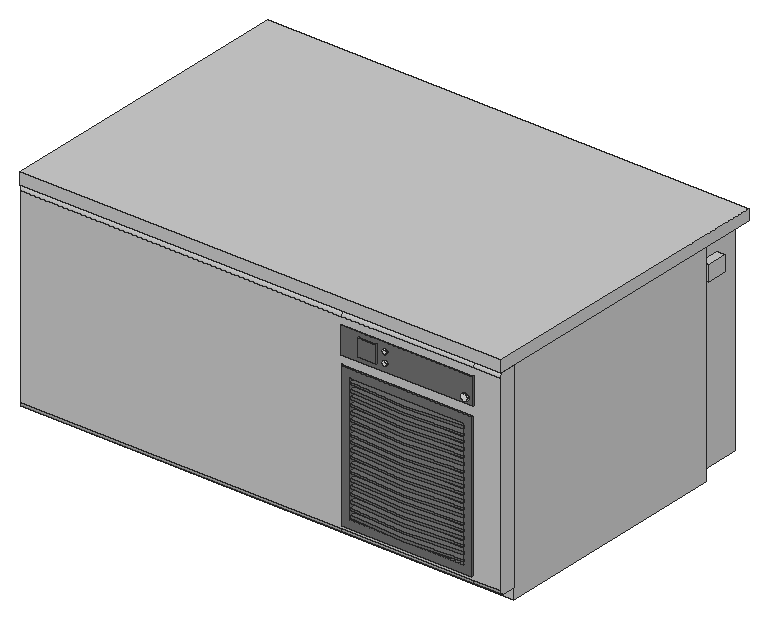
Revit family "QF_HOSHIZAKI_IM-240DSNE-23", category Specialty Equipment, Revit 2016
Family settings
  Part Type = Normal
  Round Connector Dimension = Use Diameter
  OmniClass Number = 23.40.40.14
  OmniClass Title = Food Service Equipment
  Work Plane-Based = No
  Always vertical = Yes
  Cut with Voids When Loaded = No
  Shared = No
  Room Calculation Point = No
Parameters (values of type "IM-240DSNE-23_230V/1Ph/50Hz")
  Weight = 88.00 kg
  Waste Remarks [instance] = ""
  Volts = 230 V
  URL Cutsheet = ""
  URL = "www.hoshizaki-europe.com"
  Status [instance] = ""
  Specification by User [instance] = ""
  Specification by Manufacturer [instance] = ""
  Serial Number = ""
  Seismic Rating = ""
  SMACNA No = ""
  Revision Code [instance] = ""
  Phase = 1
  Number of Poles = 2
  NAFEM Spec ID Number = ""
  Model = "IM-240DSNE-23"
  Min Ckt Ampacity = 0 A
  Max Overcurrent Protection = 0 A
  Masterspec = ""
  Manufacturer = "HOSHIZAKI"
  Length Actual = 1084 mm
  Item Number [instance] = ""
  Installed By [instance] = ""
  Indirect Waste Size = 19.05 mm
  Indirect Waste Connection Type [instance] = ""
  Indirect Waste Connection Height [instance] = 53 mm
  Identify Quantity as Lot [instance] = no
  Height Actual = 500 mm
  HP power = ""
  Furnished By [instance] = ""
  Foodservice Equipment Identifier [instance] = yes
  FL Amps = 20 A
  Electric power = 1330 W
  Electric Connection Type [instance] = ""
  Elec Conn RI Height [instance] = 0 mm
  Elec Conn Connection Height [instance] = 409 mm
  Direct Waste RI Height [instance] = 0 mm
  Description = "MODULAR IM ICE MAKER, 240KG PER 24 HOURS, MEDIUM CUBE, REMOTE CONDENSER"
  Depth Actual = 700 mm
  Cycle = 50 Hz
  Cost = 0
  Conn Plug = ""
  Conn Conduit = no
  Cold Water Temperature Recommended = 0 °C
  Cold Water Size = 19.05 mm
  Cold Water Flow = 0.0 L/s
  Cold Water Connection Height [instance] = 419 mm
  CSI MasterFormat = ""
  Assembly Code = "E1090320"
  Apparent Power = 1330 VA
  Accessory = no
Types (2, lengths in mm): name | Volts | Cycle
  IM-240DSNE-23_240V/1Ph/60Hz | 240 V | 60 Hz
  IM-240DSNE-23_230V/1Ph/50Hz | 230 V | 50 Hz
Reference planes
  plane 1 "Center (Front/Back)": y = 0
  plane 2: z = 0
  plane 3 "Center (Left/Right)": x = 0
Forms (mm)
  Extrusion 1, solid, not visible
    sketch origin (-16, -65, 418) x (1, 0, 0) y (0, 1, 0)
      loop
        line (0, 0) -> (2, 0) -> (2, 2) -> (0, 2) -> (0, 0)
    from 0 to 2
  Extrusion 2, solid, not visible
    sketch origin (-16, -213, 52) x (1, 0, 0) y (0, 1, 0)
      loop
        line (0, 0) -> (2, 0) -> (2, 2) -> (0, 2) -> (0, 0)
    from 0 to 2
  Extrusion 3, solid, not visible
    sketch origin (1073, -77, 408) x (1, 0, 0) y (0, 1, 0)
      loop
        line (0, 0) -> (2, 0) -> (2, 2) -> (0, 2) -> (0, 0)
    from 0 to 2
  Extrusion 4, solid, not visible
    sketch origin (-16, -65, 418) x (1, 0, 0) y (0, 1, 0)
      loop
        line (0, 0) -> (2, 0) -> (2, 2) -> (0, 2) -> (0, 0)
    from 0 to 2
  Extrusion 5, solid, not visible
    sketch origin (-16, -213, 52) x (1, 0, 0) y (0, 1, 0)
      loop
        line (0, 0) -> (2, 0) -> (2, 2) -> (0, 2) -> (0, 0)
    from 0 to 2
  Extrusion 6, solid, not visible
    sketch origin (1073, -77, 408) x (1, 0, 0) y (0, 1, 0)
      loop
        line (0, 0) -> (2, 0) -> (2, 2) -> (0, 2) -> (0, 0)
    from 0 to 2
Dimensions and locks
  aligned and locked: level to plane 2
Nested families
  nested 1: "QF_HOSHIZAKI_IM-240DSNE-23_240V_1Ph_60Hz" at (0, 0, 0), type "IM-240DSNE-23_240V/1Ph/60Hz"
    with Show Clearance yes
Connectors
  piping at (-15, -63, 419), diameter 19.05, driven by "Cold Water Size", driven by "Cold Water Flow"
    settings: on Extrusion 1, index 1, connector inside diameter 609.6 mm, connector length 0 mm, flow factor 0, pipe flow 0.0 L/s, pressure drop 0.0 Pa, fitting loss kfactor 0, connector angle 0.00°, fixture units 0, engagement length 0 mm, angle of deflection 0.00°, flow configuration 1, flow direction 1, fitting loss method 0, system type 20, joint type 0, gender type 0, connector reference index -1, connector utility 0, adjustable connector no, is connector primary yes, connector description "Cold Water connection for 'IM-240DSNE-23'"
  piping at (-15, -211, 53), diameter 19.05, driven by "Indirect Waste Size"
    settings: on Extrusion 2, index 2, connector inside diameter 609.6 mm, connector length 0 mm, flow factor 0, pipe flow 0.0 L/s, pressure drop 0.0 Pa, fitting loss kfactor 0, connector angle 0.00°, fixture units 0, engagement length 0 mm, angle of deflection 0.00°, flow configuration 1, flow direction 2, fitting loss method 0, system type 16, joint type 0, gender type 0, connector reference index -1, connector utility 0, adjustable connector no, is connector primary no, connector description "Drain connection for 'IM-240DSNE-23'"
  electrical at (1074, -75, 409), driven by "Apparent Power", driven by "Number of Poles", driven by "Volts"
    settings: on Extrusion 3, index 3, voltage 230 V, apparent load 0 VA, apparent load phase1 1330 VA, apparent load phase2 0 VA, apparent load phase3 0 VA, power factor 1, load classification "Other", number of poles 2, system type 31, power factor state 1, is connector primary yes, connector utility no, sub classification motor no, connector description "Electric connection for 'IM-240DSNE-23'"
  piping at (-15, -63, 419), diameter 19.05, driven by "Cold Water Size", driven by "Cold Water Flow"
    settings: on Extrusion 4, index 4, connector inside diameter 609.6 mm, connector length 0 mm, flow factor 0, pipe flow 0.0 L/s, pressure drop 0.0 Pa, fitting loss kfactor 0, connector angle 0.00°, fixture units 0, engagement length 0 mm, angle of deflection 0.00°, flow configuration 1, flow direction 1, fitting loss method 0, system type 20, joint type 0, gender type 0, connector reference index -1, connector utility 0, adjustable connector no, is connector primary no, connector description "Cold Water connection for 'IM-240DSNE-23'"
  piping at (-15, -211, 53), diameter 19.05, driven by "Indirect Waste Size"
    settings: on Extrusion 5, index 5, connector inside diameter 609.6 mm, connector length 0 mm, flow factor 0, pipe flow 0.0 L/s, pressure drop 0.0 Pa, fitting loss kfactor 0, connector angle 0.00°, fixture units 0, engagement length 0 mm, angle of deflection 0.00°, flow configuration 1, flow direction 2, fitting loss method 0, system type 16, joint type 0, gender type 0, connector reference index -1, connector utility 0, adjustable connector no, is connector primary no, connector description "Drain connection for 'IM-240DSNE-23'"
  electrical at (1074, -75, 409), driven by "Apparent Power", driven by "Number of Poles", driven by "Volts"
    settings: on Extrusion 6, index 6, voltage 230 V, apparent load 0 VA, apparent load phase1 1330 VA, apparent load phase2 0 VA, apparent load phase3 0 VA, power factor 1, load classification "Other", number of poles 2, system type 31, power factor state 1, is connector primary no, connector utility no, sub classification motor no, connector description "Electric connection for 'IM-240DSNE-23'"
Definition of nested family "QF_HOSHIZAKI_IM-240DSNE-23_240V_1Ph_60Hz"
  Parameters (values of type "IM-240DSNE-23_240V/1Ph/60Hz")
    Width = 1084 mm
    URL = "www.hoshizaki-europe.com"
    Show Clearance [instance] = yes
    Model = "IM-240DSNE-23"
    Manufacturer = "HOSHIZAKI"
    Height = 500 mm
    Description = "MODULAR IM ICE MAKER, 240KG PER 24 HOURS, MEDIUM CUBE, REMOTE CONDENSER"
    Depth = 700 mm
    Assembly Code = "E1090320"
  Types (31, lengths in mm): name | Width | Model | Height | Description | Depth
    IM-240DNE-HC | 1084 | "IM-240DNE-HC" | 500 | "EMERALD CLASS IM HYDROCARBON ICE MAKER, 210KG PER 24 HOURS, LARGE CUBE, MODULAR - HORIZONTAL" | 700
    IM-240XNE-HC | 1084 | "IM-240XNE-HC" | 500 | "EMERALD CLASS IM HYDROCARBON ICE MAKER, 210KG PER 24 HOURS, LARGE CUBE, MODULAR - EXTENSION" | 700
    IM-240DNE | 1084 | "IM-240DNE" | 500 | "MODULAR IM ICE MAKER, 240KG PER 24 HOURS, LARGE CUBE, MODULAR - HORIZONTAL" | 700
    IM-240DNE-21 | 1084 | "IM-240DNE-21" | 500 | "MODULAR IM ICE MAKER, 240KG PER 24 HOURS, EXTRA SMALL CUBE, MODULAR - HORIZONTAL" | 700
    IM-240DNE-23 | 1084 | "IM-240DNE-23" | 500 | "MODULAR IM ICE MAKER, 240KG PER 24 HOURS, MEDIUM CUBE, MODULAR - HORIZONTAL" | 700
    IM-240DNE-32 | 1084 | "IM-240DNE-32" | 500 | "MODULAR IM ICE MAKER, 240KG PER 24 HOURS, EXTRA LARGE CUBE, MODULAR - HORIZONTAL" | 700
    IM-240DSNE | 1084 | "IM-240DSNE" | 500 | "MODULAR IM ICE MAKER, 240KG PER 24 HOURS, LARGE CUBE, REMOTE CONDENSER" | 700
    IM-240DSNE-23_240V/1Ph/60Hz | 1084 | "IM-240DSNE-23" | 500 | "MODULAR IM ICE MAKER, 240KG PER 24 HOURS, MEDIUM CUBE, REMOTE CONDENSER" | 700
    IM-240DWNE | 1084 | "IM-240DWNE" | 500 | "MODULAR IM ICE MAKER, 240KG PER 24 HOURS, LARGE CUBE, MODULAR - HORIZONTAL, WATER COOLED" | 700
    IM-240DWNE-21 | 1084 | "IM-240DWNE-21" | 500 | "MODULAR IM ICE MAKER, 240KG PER 24 HOURS, EXTRA SMALL CUBE, MODULAR - HORIZONTAL, WATER COOLED" | 700
    IM-240DWNE-23 | 1084 | "IM-240DWNE-23" | 500 | "MODULAR IM ICE MAKER, 240KG PER 24 HOURS, MEDIUM CUBE, MODULAR - HORIZONTAL, WATER COOLED" | 700
    IM-240DWNE-32 | 1084 | "IM-240DWNE-32" | 500 | "MODULAR IM ICE MAKER, 240KG PER 24 HOURS, EXTRA LARGE CUBE, MODULAR - HORIZONTAL, WATER COOLED" | 700
    IM-240XNE | 1084 | "IM-240XNE" | 500 | "MODULAR IM ICE MAKER, 240KG PER 24 HOURS, LARGE CUBE, MODULAR - EXTENSION" | 700
    IM-240XNE-21 | 1084 | "IM-240XNE-21" | 500 | "MODULAR IM ICE MAKER, 240KG PER 24 HOURS, EXTRA SMALL CUBE, MODULAR - EXTENSION" | 700
    IM-240XNE-23 | 1084 | "IM-240XNE-23" | 500 | "MODULAR IM ICE MAKER, 240KG PER 24 HOURS, MEDIUM CUBE, MODULAR - EXTENSION" | 700
    IM-240XNE-32 | 1084 | "IM-240XNE-32" | 500 | "MODULAR IM ICE MAKER, 240KG PER 24 HOURS, EXTRA LARGE CUBE, MODULAR - EXTENSION" | 700
    IM-240XSNE | 1084 | "IM-240XSNE" | 500 | "MODULAR IM ICE MAKER, 240KG PER 24 HOURS, LARGE CUBE, MODULAR - EXTENSION, REMOTE CONDENSER" | 700
    IM-240XSNE-23 | 1084 | "IM-240XSNE-23" | 500 | "MODULAR IM ICE MAKER, 240KG PER 24 HOURS, MEDIUM CUBE, MODULAR - EXTENSION, REMOTE CONDENSER" | 700
    IM-240XWNE | 1084 | "IM-240XWNE" | 500 | "MODULAR IM ICE MAKER, 240KG PER 24 HOURS, LARGE CUBE, MODULAR - EXTENSION, WATER COOLED" | 700
    IM-240XWNE-21 | 1084 | "IM-240XWNE-21" | 500 | "MODULAR IM ICE MAKER, 240KG PER 24 HOURS, EXTRA SMALL CUBE, MODULAR - EXTENSION, WATER COOLED" | 700
    IM-240XWNE-23 | 1084 | "IM-240XWNE-23" | 500 | "MODULAR IM ICE MAKER, 240KG PER 24 HOURS, MEDIUM CUBE, MODULAR - EXTENSION, WATER COOLED" | 700
    IM-240XWNE-32 | 1084 | "IM-240XWNE-32" | 500 | "MODULAR IM ICE MAKER, 240KG PER 24 HOURS, EXTRA LARGE CUBE, MODULAR - EXTENSION, WATER COOLED" | 700
    IM-240DNE-C | 1084 | "IM-240DNE-C" | 500 | "IM CYLINDER ICE MAKER, 240KG PER 24 HOURS, CYLINDER ICE, MODULAR - HORIZONTAL" | 700
    IM-240DWNE-C | 1084 | "IM-240DWNE-C" | 500 | "IM CYLINDER ICE MAKER, 240KG PER 24 HOURS, CYLINDER ICE, MODULAR - HORIZONTAL, WATER COOLED" | 700
    IM-240XNE-C | 1084 | "IM-240XNE-C" | 500 | "IM CYLINDER ICE MAKER, 240KG PER 24 HOURS, CYLINDER ICE, MODULAR - EXTENSION" | 700
    IM-240XWNE-C | 1084 | "IM-240XWNE-C" | 500 | "IM CYLINDER ICE MAKER, 240KG PER 24 HOURS, CYLINDER ICE, MODULAR - EXTENSION, WATER COOLED" | 700
    IM-240DNE-HC-23 | 1084 | "IM-240DNE-HC-23" | 500 | "EMERALD CLASS IM HYDROCARBON ICE MAKER, 180KG PER 24 HOURS, MEDIUM CUBE, MODULAR - EXTENSION" | 700
    IM-240DNE-HC-32 | 1084 | "IM-240DNE-HC-32" | 500 | "EMERALD CLASS IM HYDROCARBON ICE MAKER, 190KG PER 24 HOURS, EXTRA LARGE CUBE, MODULAR - EXTENSION" | 700
    IM-240XNE-HC-23 | 1082 | "IM-240XNE-HC-23" | 485 | "EMERALD CLASS IM HYDROCARBON ICE MAKER, 180KG PER 24 HOURS, MEDIUM CUBE, MODULAR - EXTENSION" | 697
    IM-240XNE-HC-32 | 1082 | "IM-240XNE-HC-32" | 485 | "EMERALD CLASS IM HYDROCARBON ICE MAKER, 190KG PER 24 HOURS, EXTRA LARGE CUBE, MODULAR - EXTENSION" | 697
    IM-240DNE-HC-21 | 1084 | "IM-240DNE-HC-21" | 500 | "EMERALD CLASS IM HYDROCARBON ICE MAKER, 205KG PER 24 HOURS, EXTRA SMALL CUBE, MODULAR - EXTENSION" | 700
  Reference planes
    plane 1 "Back": y = 0
    plane 2: z = 0
    plane 3 "Left": x = 0
    plane 4 "Right": x = 1084
    plane 5 "Front": y = -700
    plane 6 "Top": z = 500
    plane 7: y = -702
    plane 8: z = 488
  Forms (mm)
    Extrusion 1, solid
      sketch origin (166.25, -249, 193) x (0, 1, 0) y (0, 0, 1)
        loop
          line (-414, -170) -> (-414, 280) -> (-441, 280)
          arc (-441, 280) -> (-448.071, 277.071) -> (-451, 270) r 10
          line (-451, 270) -> (-451, -160)
          arc (-451, -160) -> (-448.071, -167.071) -> (-441, -170) r 10
          line (-441, -170) -> (-414, -170)
      from 559.75 to -166.25
    Extrusion 2, solid
      sketch origin (-20, -211, 53) x (0, 1, 0) y (0, 0, 1)
        loop
          circle (0, 0) r 14
        loop
          circle (0, 0) r 12
      from 0 to 20
    Extrusion 3, solid
      sketch origin (-16, -63, 419) x (0, 1, 0) y (0, 0, 1)
        loop
          circle (0, 0) r 14
        loop
          circle (0, 0) r 12
      from 0 to 16
    Extrusion 4, solid
      sketch origin (1024, -249, 193) x (0, 1, 0) y (0, 0, 1)
        loop
          line (-414, -170) -> (-414, 280) -> (-441, 280)
          arc (-441, 280) -> (-448.071, 277.071) -> (-451, 270) r 10
          line (-451, 270) -> (-451, -160)
          arc (-451, -160) -> (-448.071, -167.071) -> (-441, -170) r 10
          line (-441, -170) -> (-414, -170)
      from 0 to 60
    Extrusion 5, solid
      sketch origin (726, -249, 193) x (0, 1, 0) y (0, 0, 1)
        loop
          line (-414, -170) -> (-414, -153) -> (-451, -153) -> (-451, -160)
          arc (-451, -160) -> (-448.071, -167.071) -> (-441, -170) r 10
          line (-441, -170) -> (-414, -170)
        loop
          line (-451, 270) -> (-451, 174) -> (-414, 174) -> (-414, 280) -> (-441, 280)
          arc (-441, 280) -> (-448.071, 277.071) -> (-451, 270) r 10
      from 0 to 298
    Extrusion 6, solid
      sketch origin (568.75, -852, 28) x (1, 0, 0) y (0, 0, 1)
        loop
          line (159.25, 337) -> (159.25, 14) -> (453.25, 14) -> (453.25, 337) -> (159.25, 337)
        loop
          line (177.25, 319) -> (177.25, 32) -> (435.25, 32) -> (435.25, 319) -> (177.25, 319)
      from -150 to -160
    Extrusion 7, solid
      sketch origin (568.75, -249, 170) x (1, 0, 0) y (0, 1, 0)
        loop
          line (177.25, -443) -> (177.25, -454.474)
          arc (177.25, -454.474) -> (306.295, -461.632) -> (435.25, -453) r 1057.927
          line (435.25, -453) -> (435.25, -443) -> (177.25, -443)
      from 0 to 5
    Extrusion 8, solid
      sketch origin (568.75, -249, 185) x (1, 0, 0) y (0, 1, 0)
        loop
          line (177.25, -443) -> (177.25, -454.474)
          arc (177.25, -454.474) -> (306.295, -461.632) -> (435.25, -453) r 1057.927
          line (435.25, -453) -> (435.25, -443) -> (177.25, -443)
      from 0 to 5
    Extrusion 9, solid
      sketch origin (568.75, -249, 200) x (1, 0, 0) y (0, 1, 0)
        loop
          line (177.25, -443) -> (177.25, -454.474)
          arc (177.25, -454.474) -> (306.295, -461.632) -> (435.25, -453) r 1057.927
          line (435.25, -453) -> (435.25, -443) -> (177.25, -443)
      from 0 to 5
    Extrusion 10, solid
      sketch origin (568.75, -249, 215) x (1, 0, 0) y (0, 1, 0)
        loop
          line (177.25, -443) -> (177.25, -454.474)
          arc (177.25, -454.474) -> (306.295, -461.632) -> (435.25, -453) r 1057.927
          line (435.25, -453) -> (435.25, -443) -> (177.25, -443)
      from 0 to 5
    Extrusion 11, solid
      sketch origin (568.75, -249, 230) x (1, 0, 0) y (0, 1, 0)
        loop
          line (177.25, -443) -> (177.25, -454.474)
          arc (177.25, -454.474) -> (306.295, -461.632) -> (435.25, -453) r 1057.927
          line (435.25, -453) -> (435.25, -443) -> (177.25, -443)
      from 0 to 5
    Extrusion 12, solid
      sketch origin (568.75, -249, 245) x (1, 0, 0) y (0, 1, 0)
        loop
          line (177.25, -443) -> (177.25, -454.474)
          arc (177.25, -454.474) -> (306.295, -461.632) -> (435.25, -453) r 1057.927
          line (435.25, -453) -> (435.25, -443) -> (177.25, -443)
      from 0 to 5
    Extrusion 13, solid
      sketch origin (568.75, -249, 260) x (1, 0, 0) y (0, 1, 0)
        loop
          line (177.25, -443) -> (177.25, -454.474)
          arc (177.25, -454.474) -> (306.295, -461.632) -> (435.25, -453) r 1057.927
          line (435.25, -453) -> (435.25, -443) -> (177.25, -443)
      from 0 to 5
    Extrusion 14, solid
      sketch origin (568.75, -249, 275) x (1, 0, 0) y (0, 1, 0)
        loop
          line (177.25, -443) -> (177.25, -454.474)
          arc (177.25, -454.474) -> (306.295, -461.632) -> (435.25, -453) r 1057.927
          line (435.25, -453) -> (435.25, -443) -> (177.25, -443)
      from 0 to 5
    Extrusion 15, solid
      sketch origin (568.75, -249, 290) x (1, 0, 0) y (0, 1, 0)
        loop
          line (177.25, -443) -> (177.25, -454.474)
          arc (177.25, -454.474) -> (306.295, -461.632) -> (435.25, -453) r 1057.927
          line (435.25, -453) -> (435.25, -443) -> (177.25, -443)
      from 0 to 5
    Extrusion 16, solid
      sketch origin (568.75, -249, 305) x (1, 0, 0) y (0, 1, 0)
        loop
          line (177.25, -443) -> (177.25, -454.474)
          arc (177.25, -454.474) -> (306.295, -461.632) -> (435.25, -453) r 1057.927
          line (435.25, -453) -> (435.25, -443) -> (177.25, -443)
      from 0 to 5
    Extrusion 17, solid
      sketch origin (568.75, -249, 320) x (1, 0, 0) y (0, 1, 0)
        loop
          line (177.25, -443) -> (177.25, -454.474)
          arc (177.25, -454.474) -> (306.295, -461.632) -> (435.25, -453) r 1057.927
          line (435.25, -453) -> (435.25, -443) -> (177.25, -443)
      from 0 to 5
    Extrusion 18, solid
      sketch origin (568.75, -249, 335) x (1, 0, 0) y (0, 1, 0)
        loop
          line (177.25, -443) -> (177.25, -454.474)
          arc (177.25, -454.474) -> (306.295, -461.632) -> (435.25, -453) r 1057.927
          line (435.25, -453) -> (435.25, -443) -> (177.25, -443)
      from 0 to 5
    Extrusion 19, solid
      sketch origin (568.75, -249, 110) x (1, 0, 0) y (0, 1, 0)
        loop
          line (177.25, -443) -> (177.25, -454.474)
          arc (177.25, -454.474) -> (306.295, -461.632) -> (435.25, -453) r 1057.927
          line (435.25, -453) -> (435.25, -443) -> (177.25, -443)
      from 0 to 5
    Extrusion 20, solid
      sketch origin (568.75, -249, 125) x (1, 0, 0) y (0, 1, 0)
        loop
          line (177.25, -443) -> (177.25, -454.474)
          arc (177.25, -454.474) -> (306.295, -461.632) -> (435.25, -453) r 1057.927
          line (435.25, -453) -> (435.25, -443) -> (177.25, -443)
      from 0 to 5
    Extrusion 21, solid
      sketch origin (568.75, -249, 140) x (1, 0, 0) y (0, 1, 0)
        loop
          line (177.25, -443) -> (177.25, -454.474)
          arc (177.25, -454.474) -> (306.295, -461.632) -> (435.25, -453) r 1057.927
          line (435.25, -453) -> (435.25, -443) -> (177.25, -443)
      from 0 to 5
    Extrusion 22, solid
      sketch origin (568.75, -249, 155) x (1, 0, 0) y (0, 1, 0)
        loop
          line (177.25, -443) -> (177.25, -454.474)
          arc (177.25, -454.474) -> (306.295, -461.632) -> (435.25, -453) r 1057.927
          line (435.25, -453) -> (435.25, -443) -> (177.25, -443)
      from 0 to 5
    Extrusion 23, solid
      sketch origin (568.75, -249, 65) x (1, 0, 0) y (0, 1, 0)
        loop
          line (177.25, -443) -> (177.25, -454.474)
          arc (177.25, -454.474) -> (306.295, -461.632) -> (435.25, -453) r 1057.927
          line (435.25, -453) -> (435.25, -443) -> (177.25, -443)
      from 0 to 5
    Extrusion 24, solid
      sketch origin (568.75, -249, 80) x (1, 0, 0) y (0, 1, 0)
        loop
          line (177.25, -443) -> (177.25, -454.474)
          arc (177.25, -454.474) -> (306.295, -461.632) -> (435.25, -453) r 1057.927
          line (435.25, -453) -> (435.25, -443) -> (177.25, -443)
      from 0 to 5
    Extrusion 25, solid
      sketch origin (568.75, -249, 95) x (1, 0, 0) y (0, 1, 0)
        loop
          line (177.25, -443) -> (177.25, -454.474)
          arc (177.25, -454.474) -> (306.295, -461.632) -> (435.25, -453) r 1057.927
          line (435.25, -453) -> (435.25, -443) -> (177.25, -443)
      from 0 to 5
    Extrusion 26, solid
      sketch origin (0, -700, -10) x (1, 0, 0) y (0, 0, 1)
        loop
          line (726, 397) -> (1024, 397) -> (1024, 457) -> (726, 457) -> (726, 397)
      from 0 to 2
    Extrusion 27, solid
      sketch origin (0, -702, 0) x (1, 0, 0) y (0, 0, 1)
        loop
          line (766.139, 436.277) -> (766.139, 396.277) -> (806.139, 396.277) -> (806.139, 436.277) -> (766.139, 436.277)
      from 0 to 2
    Extrusion 28, solid
      sketch origin (0, -702, 0) x (1, 0, 0) y (0, 0, 1)
        loop
          circle (825.63, 428.086) r 5
        loop
          circle (825.63, 404.468) r 5
      from 0 to 2
    Extrusion 29, solid
      sketch origin (0, -702, 0) x (1, 0, 0) y (0, 0, 1)
        loop
          circle (1006.481, 399.95) r 7.5
      from 3 to 0
    Extrusion 30, solid
      sketch origin (0, 0, 0) x (1, 0, 0) y (0, 1, 0)
        loop
          line (0, 0) -> (0, -663) -> (1084, -663) -> (1084, -120) -> (1054, -120) -> (1054, 0) -> (0, 0)
      from 0 to 475
    Extrusion 31, solid
      sketch origin (0, 0, 0) x (1, 0, 0) y (0, 1, 0)
        loop
          line (0, 0) -> (0, -700) -> (1084, -700) -> (1084, 0) -> (0, 0)
      from 500 to 475
    Extrusion 32, solid
      sketch origin (1254, 1.923, 57.766) x (0, 1, 0) y (0, 0, 1)
        loop
          line (-101.026, 368.734) -> (-101.026, 333.734) -> (-54.923, 333.734) -> (-54.923, 368.734) -> (-101.026, 368.734)
      from -180 to -200
  Cuts and joins
    joined: Extrusion 1, Extrusion 4, Extrusion 5
  Lines and regions (mm)
    symbolic lines
      curve 1: line (0, 0, 0) -> (1084, 0, 0)
      curve 2: line (0, -700, 0) -> (0, 0, 0)
      curve 3: line (1084, -700, 0) -> (0, -700, 0)
      curve 4: line (1084, 0, 0) -> (1084, -700, 0)
      curve 5: line (-16, -49, 0) -> (0, -49, 0)
      curve 6: line (-16, -49, 0) -> (-16, -77, 0)
      curve 7: line (-16, -77, 0) -> (0, -77, 0)
      curve 8: line (-20, -197, 0) -> (0, -197, 0)
      curve 9: line (-20, -197, 0) -> (-20, -225, 0)
      curve 10: line (-20, -225, 0) -> (0, -225, 0)
  Dimensions and locks
    plane 5 "Front" to Extrusion 30 = 700 mm
    locked: Extrusion 30 sketch curve to curve 4 at 30
    locked: Extrusion 30 to Extrusion 32 at 20
    "Width": plane 4 "Right" to plane 3 "Left"
    locked: Extrusion 28 to Extrusion 27 at 2
    locked: plane 5 "Front" to Extrusion 26 at 2
    Extrusion 29 to Extrusion 28 = 0 mm
    locked: plane 5 "Front" to Extrusion 6 at 8
    locked: plane 7 to plane 5 "Front" at 2
    "Depth": plane 5 "Front" to plane 1 "Back"
    locked: plane 5 "Front" to Extrusion 29 at 5
    locked: Extrusion 31 to plane 6 "Top" at 25
    cut or joined group of Extrusion 1, Extrusion 4, Extrusion 5 to plane 8 to plane 6 "Top" = 15 mm, 12 mm
    "Height": plane 6 "Top" to level
    aligned and locked: level to plane 2
    aligned and locked: Extrusion 31 to plane 4 "Right"
    aligned and locked: Extrusion 32 to Extrusion 30
    aligned and locked: Extrusion 4 to plane 4 "Right"
    aligned and locked: Extrusion 4 to Extrusion 5  (x2)
    aligned and locked: plane 4 "Right" to curve 4
    aligned and locked: Extrusion 31 to plane 5 "Front"
    aligned and locked: Extrusion 1 sketch curve to plane 5 "Front"
    aligned and locked: Extrusion 27 to Extrusion 26
    aligned and locked: plane 5 "Front" to Extrusion 26
    aligned and locked: Extrusion 28 to Extrusion 26
    aligned and locked: plane 7 to Extrusion 6
    aligned and locked: Extrusion 29 to Extrusion 26
    aligned and locked: plane 6 "Top" to Extrusion 31
    aligned and locked: Extrusion 30 to Extrusion 31
  Automatic sketch dimensions
    Extrusion 2 sketch curve to Extrusion 2 sketch curve = 0 mm  (x2)
    level to Extrusion 2 sketch curve = 53 mm
    plane 1 "Back" to Extrusion 2 sketch curve = 211 mm
    Extrusion 3 sketch curve to Extrusion 3 sketch curve = 0 mm  (x2)
    plane 1 "Back" to Extrusion 3 sketch curve = 63 mm
    Extrusion 3 sketch curve to plane 6 "Top" = 81 mm
    Extrusion 4 sketch curve to plane 5 "Front" = 0 mm
    Extrusion 4 sketch curve to Extrusion 4 sketch curve = 10 mm
    plane 5 "Front" to Extrusion 4 sketch curve = 10 mm
    Extrusion 4 sketch curve to Extrusion 4 sketch curve = 27 mm
    level to Extrusion 4 sketch curve = 23 mm
    Extrusion 4 sketch curve to plane 6 "Top" = 37 mm
    Extrusion 5 sketch curve to plane 5 "Front" = 0 mm  (x2)
    plane 5 "Front" to Extrusion 5 sketch curve = 10 mm  (x2)
    Extrusion 5 sketch curve to Extrusion 5 sketch curve = 27 mm  (x2)
    level to Extrusion 5 sketch curve = 23 mm
    Extrusion 5 sketch curve to Extrusion 5 sketch curve = 7 mm
    Extrusion 5 sketch curve to plane 6 "Top" = 133 mm
    Extrusion 5 sketch curve to plane 6 "Top" = 37 mm
    level to Extrusion 6 sketch curve = 42 mm
    plane 4 "Right" to Extrusion 6 sketch curve = 356 mm
    Extrusion 6 sketch curve to Extrusion 6 sketch curve = 18 mm  (x4)
    plane 4 "Right" to Extrusion 6 sketch curve = 80 mm
    Extrusion 6 sketch curve to plane 6 "Top" = 153 mm
    plane 5 "Front" to Extrusion 7 sketch curve = 8 mm
    plane 4 "Right" to Extrusion 7 sketch curve = 338 mm
    plane 4 "Right" to Extrusion 7 sketch curve = 215 mm
    plane 4 "Right" to Extrusion 7 sketch curve = 80 mm
    Extrusion 7 sketch curve to plane 5 "Front" = 2 mm
    Extrusion 7 sketch curve to Extrusion 7 sketch curve = 11.474 mm
    plane 5 "Front" to Extrusion 8 sketch curve = 8 mm
    plane 4 "Right" to Extrusion 8 sketch curve = 338 mm
    plane 4 "Right" to Extrusion 8 sketch curve = 215 mm
    plane 4 "Right" to Extrusion 8 sketch curve = 80 mm
    Extrusion 8 sketch curve to plane 5 "Front" = 2 mm
    Extrusion 8 sketch curve to Extrusion 8 sketch curve = 11.474 mm
    plane 5 "Front" to Extrusion 9 sketch curve = 8 mm
    plane 4 "Right" to Extrusion 9 sketch curve = 338 mm
    plane 4 "Right" to Extrusion 9 sketch curve = 215 mm
    plane 4 "Right" to Extrusion 9 sketch curve = 80 mm
    Extrusion 9 sketch curve to plane 5 "Front" = 2 mm
    Extrusion 9 sketch curve to Extrusion 9 sketch curve = 11.474 mm
    plane 5 "Front" to Extrusion 10 sketch curve = 8 mm
    plane 4 "Right" to Extrusion 10 sketch curve = 338 mm
    plane 4 "Right" to Extrusion 10 sketch curve = 215 mm
    plane 4 "Right" to Extrusion 10 sketch curve = 80 mm
    Extrusion 10 sketch curve to plane 5 "Front" = 2 mm
    Extrusion 10 sketch curve to Extrusion 10 sketch curve = 11.474 mm
    plane 5 "Front" to Extrusion 11 sketch curve = 8 mm
    plane 4 "Right" to Extrusion 11 sketch curve = 338 mm
    plane 4 "Right" to Extrusion 11 sketch curve = 215 mm
    plane 4 "Right" to Extrusion 11 sketch curve = 80 mm
    Extrusion 11 sketch curve to plane 5 "Front" = 2 mm
    Extrusion 11 sketch curve to Extrusion 11 sketch curve = 11.474 mm
    plane 5 "Front" to Extrusion 12 sketch curve = 8 mm
    plane 4 "Right" to Extrusion 12 sketch curve = 338 mm
    plane 4 "Right" to Extrusion 12 sketch curve = 215 mm
    plane 4 "Right" to Extrusion 12 sketch curve = 80 mm
    Extrusion 12 sketch curve to plane 5 "Front" = 2 mm
    Extrusion 12 sketch curve to Extrusion 12 sketch curve = 11.474 mm
    plane 5 "Front" to Extrusion 13 sketch curve = 8 mm
    plane 4 "Right" to Extrusion 13 sketch curve = 338 mm
    plane 4 "Right" to Extrusion 13 sketch curve = 215 mm
    plane 4 "Right" to Extrusion 13 sketch curve = 80 mm
    Extrusion 13 sketch curve to plane 5 "Front" = 2 mm
    Extrusion 13 sketch curve to Extrusion 13 sketch curve = 11.474 mm
    plane 5 "Front" to Extrusion 14 sketch curve = 8 mm
    plane 4 "Right" to Extrusion 14 sketch curve = 338 mm
    plane 4 "Right" to Extrusion 14 sketch curve = 215 mm
    plane 4 "Right" to Extrusion 14 sketch curve = 80 mm
    Extrusion 14 sketch curve to plane 5 "Front" = 2 mm
    Extrusion 14 sketch curve to Extrusion 14 sketch curve = 11.474 mm
    plane 5 "Front" to Extrusion 15 sketch curve = 8 mm
    plane 4 "Right" to Extrusion 15 sketch curve = 338 mm
    plane 4 "Right" to Extrusion 15 sketch curve = 215 mm
    plane 4 "Right" to Extrusion 15 sketch curve = 80 mm
    Extrusion 15 sketch curve to plane 5 "Front" = 2 mm
    Extrusion 15 sketch curve to Extrusion 15 sketch curve = 11.474 mm
    plane 5 "Front" to Extrusion 16 sketch curve = 8 mm
    plane 4 "Right" to Extrusion 16 sketch curve = 338 mm
    plane 4 "Right" to Extrusion 16 sketch curve = 215 mm
    plane 4 "Right" to Extrusion 16 sketch curve = 80 mm
    Extrusion 16 sketch curve to plane 5 "Front" = 2 mm
    Extrusion 16 sketch curve to Extrusion 16 sketch curve = 11.474 mm
    plane 5 "Front" to Extrusion 17 sketch curve = 8 mm
    plane 4 "Right" to Extrusion 17 sketch curve = 338 mm
    plane 4 "Right" to Extrusion 17 sketch curve = 215 mm
    plane 4 "Right" to Extrusion 17 sketch curve = 80 mm
    Extrusion 17 sketch curve to plane 5 "Front" = 2 mm
    Extrusion 17 sketch curve to Extrusion 17 sketch curve = 11.474 mm
    plane 5 "Front" to Extrusion 18 sketch curve = 8 mm
    plane 4 "Right" to Extrusion 18 sketch curve = 338 mm
    plane 4 "Right" to Extrusion 18 sketch curve = 215 mm
    plane 4 "Right" to Extrusion 18 sketch curve = 80 mm
    Extrusion 18 sketch curve to plane 5 "Front" = 2 mm
    Extrusion 18 sketch curve to Extrusion 18 sketch curve = 11.474 mm
    plane 5 "Front" to Extrusion 19 sketch curve = 8 mm
    plane 4 "Right" to Extrusion 19 sketch curve = 338 mm
    plane 4 "Right" to Extrusion 19 sketch curve = 215 mm
    plane 4 "Right" to Extrusion 19 sketch curve = 80 mm
    Extrusion 19 sketch curve to plane 5 "Front" = 2 mm
    Extrusion 19 sketch curve to Extrusion 19 sketch curve = 11.474 mm
    plane 5 "Front" to Extrusion 20 sketch curve = 8 mm
    plane 4 "Right" to Extrusion 20 sketch curve = 338 mm
    plane 4 "Right" to Extrusion 20 sketch curve = 215 mm
    plane 4 "Right" to Extrusion 20 sketch curve = 80 mm
    Extrusion 20 sketch curve to plane 5 "Front" = 2 mm
    Extrusion 20 sketch curve to Extrusion 20 sketch curve = 11.474 mm
    plane 5 "Front" to Extrusion 21 sketch curve = 8 mm
    plane 4 "Right" to Extrusion 21 sketch curve = 338 mm
    plane 4 "Right" to Extrusion 21 sketch curve = 215 mm
    plane 4 "Right" to Extrusion 21 sketch curve = 80 mm
    Extrusion 21 sketch curve to plane 5 "Front" = 2 mm
    Extrusion 21 sketch curve to Extrusion 21 sketch curve = 11.474 mm
    plane 5 "Front" to Extrusion 22 sketch curve = 8 mm
    plane 4 "Right" to Extrusion 22 sketch curve = 338 mm
    plane 4 "Right" to Extrusion 22 sketch curve = 215 mm
    plane 4 "Right" to Extrusion 22 sketch curve = 80 mm
    Extrusion 22 sketch curve to plane 5 "Front" = 2 mm
    Extrusion 22 sketch curve to Extrusion 22 sketch curve = 11.474 mm
    plane 5 "Front" to Extrusion 23 sketch curve = 8 mm
    plane 4 "Right" to Extrusion 23 sketch curve = 338 mm
    plane 4 "Right" to Extrusion 23 sketch curve = 215 mm
    plane 4 "Right" to Extrusion 23 sketch curve = 80 mm
    Extrusion 23 sketch curve to plane 5 "Front" = 2 mm
    Extrusion 23 sketch curve to Extrusion 23 sketch curve = 11.474 mm
    plane 5 "Front" to Extrusion 24 sketch curve = 8 mm
    plane 4 "Right" to Extrusion 24 sketch curve = 338 mm
    plane 4 "Right" to Extrusion 24 sketch curve = 215 mm
    plane 4 "Right" to Extrusion 24 sketch curve = 80 mm
    Extrusion 24 sketch curve to plane 5 "Front" = 2 mm
    Extrusion 24 sketch curve to Extrusion 24 sketch curve = 11.474 mm
    plane 5 "Front" to Extrusion 25 sketch curve = 8 mm
    plane 4 "Right" to Extrusion 25 sketch curve = 338 mm
    plane 4 "Right" to Extrusion 25 sketch curve = 215 mm
    plane 4 "Right" to Extrusion 25 sketch curve = 80 mm
    Extrusion 25 sketch curve to plane 5 "Front" = 2 mm
    Extrusion 25 sketch curve to Extrusion 25 sketch curve = 11.474 mm
    Extrusion 26 sketch curve to plane 6 "Top" = 53 mm
    plane 4 "Right" to Extrusion 26 sketch curve = 358 mm
    plane 4 "Right" to Extrusion 26 sketch curve = 60 mm
    Extrusion 26 sketch curve to Extrusion 26 sketch curve = 60 mm
    Extrusion 27 sketch curve to plane 6 "Top" = 103.723 mm
    plane 4 "Right" to Extrusion 27 sketch curve = 317.861 mm
    Extrusion 27 sketch curve to Extrusion 27 sketch curve = 40 mm  (x2)
    Extrusion 28 sketch curve to plane 6 "Top" = 95.532 mm
    plane 4 "Right" to Extrusion 28 sketch curve = 258.37 mm
    Extrusion 28 sketch curve to Extrusion 28 sketch curve = 0 mm
    Extrusion 28 sketch curve to Extrusion 28 sketch curve = 23.618 mm
    plane 4 "Right" to Extrusion 29 sketch curve = 77.519 mm
    Extrusion 29 sketch curve to plane 6 "Top" = 100.05 mm
    Extrusion 30 sketch curve to plane 3 "Left" = 0 mm
    Extrusion 30 sketch curve to plane 4 "Right" = 0 mm
    plane 1 "Back" to Extrusion 30 sketch curve = 0 mm
    plane 1 "Back" to Extrusion 30 sketch curve = 120 mm
    plane 5 "Front" to Extrusion 30 sketch curve = 37 mm
    Extrusion 31 sketch curve to plane 3 "Left" = 0 mm
    Extrusion 31 sketch curve to plane 4 "Right" = 0 mm
    Extrusion 31 sketch curve to plane 5 "Front" = 0 mm
    plane 1 "Back" to Extrusion 31 sketch curve = 0 mm
    plane 1 "Back" to Extrusion 32 sketch curve = 99.103 mm
    Extrusion 32 sketch curve to Extrusion 32 sketch curve = 46.103 mm
    Extrusion 32 sketch curve to plane 6 "Top" = 108.5 mm
    Extrusion 32 sketch curve to Extrusion 32 sketch curve = 35 mm
    curve 5 to plane 3 "Left" = 0 mm
    curve 3 to plane 5 "Front" = 0 mm
    plane 1 "Back" to curve 2 = 0 mm
    curve 6 to plane 3 "Left" = 16 mm
    curve 8 to plane 3 "Left" = 20 mm
    plane 1 "Back" to curve 9 = 225 mm
    curve 9 to curve 9 = 28 mm
    plane 1 "Back" to curve 6 = 77 mm
    curve 6 to curve 5 = 28 mm
    plane 5 "Front" to Extrusion 1 sketch curve = 10 mm  (x2)
    Extrusion 1 sketch curve to Extrusion 1 sketch curve = 27 mm
    level to Extrusion 1 sketch curve = 23 mm
    Extrusion 1 sketch curve to plane 6 "Top" = 37 mm
    radius of Extrusion 2 sketch curve = 14 mm
    radius of Extrusion 2 sketch curve = 12 mm
    radius of Extrusion 3 sketch curve = 14 mm
    radius of Extrusion 3 sketch curve = 12 mm
    radius of Extrusion 28 sketch curve = 5 mm  (x2)
    radius of Extrusion 29 sketch curve = 7.5 mm
  Connectors
    piping at (-20, -211, 53), diameter 19.05
      settings: on Extrusion 2, index 1, connector inside diameter 609.6 mm, connector length 0 mm, flow factor 0, pipe flow 0.0 L/s, pressure drop 0.0 Pa, fitting loss kfactor 0, connector angle 0.00°, fixture units 0, engagement length 0 mm, angle of deflection 0.00°, flow configuration 1, flow direction 2, fitting loss method 0, system type 16, joint type 0, gender type 0, connector reference index -1, connector utility 0, adjustable connector no, is connector primary yes, connector description "Indirect Waste Connection"
    piping at (-16, -63, 419), diameter 19.05
      settings: on Extrusion 3, index 3, connector inside diameter 609.6 mm, connector length 0 mm, flow factor 0, pipe flow 0.0 L/s, pressure drop 0.0 Pa, fitting loss kfactor 0, connector angle 0.00°, fixture units 0, engagement length 0 mm, angle of deflection 0.00°, flow configuration 1, flow direction 1, fitting loss method 0, system type 20, joint type 0, gender type 0, connector reference index -1, connector utility 0, adjustable connector no, is connector primary no, connector description "Cold Water Connection"
    electrical at (1064, -53, 409)
      settings: on Extrusion 32, index 4, voltage 230 V, apparent load 0 VA, apparent load phase1 930 VA, apparent load phase2 0 VA, apparent load phase3 0 VA, power factor 1, load classification none, number of poles 1, system type 31, power factor state 1, is connector primary yes, connector utility no, sub classification motor no, connector description "Electrical Connection"
